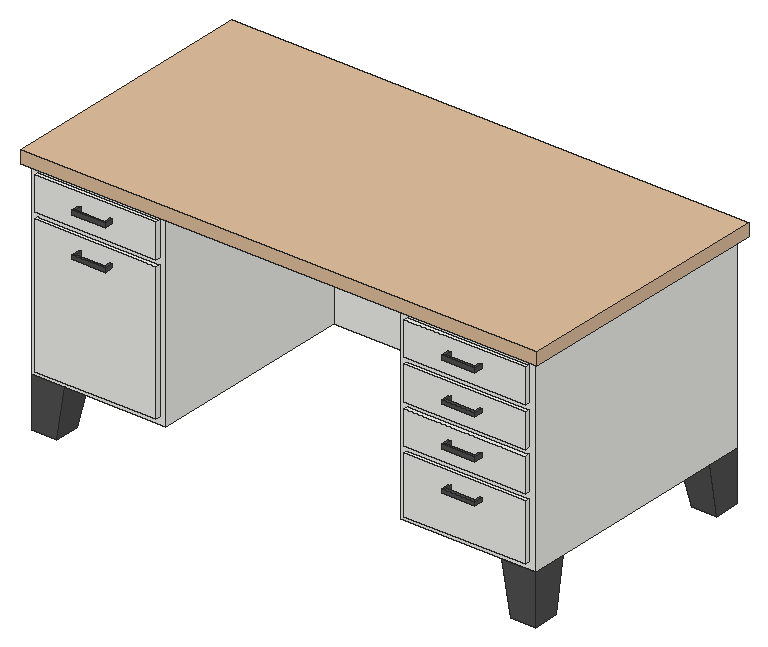
Revit family "M_Escrivaninha", category Mobiliário, Revit 2019
Family settings
  Número OmniClass = 23.40.20.24.31
  Título OmniClass = Desk
  ID de item do Seek = Desk-0000-CAN-ENU
  Com base no plano de trabalho = Não
  Sempre na vertical = Sim
  Corte com vazios quando carregada = Não
  Compartilhado = Sim
  Ponto de cálculo do ambiente = Não
Parameters (values of type "1525 x 762mm")
  Assembly Code = ""
  Linear = 762 mm
  Material do corpo = Laminado - Marfim, Fosco
  Material Puxador/Perna = Aço, Cromo polido
  Material superior = Cerejeira
  Altura = 762 mm
  Altura da perna = 152 mm
  Largura = 1525 mm
Types (3, lengths in mm): name | Linear | Largura
  1525 x 762mm | 762 | 1525
  1830 x 915mm | 915 | 1830
  1525 x 762mm Aluno | 762 | 1525
Reference planes
  plane 1: z = 0
  plane 2: z = 723.9
  plane 3: z = 152
  plane 4: z = 762
  plane 5 "Centro (Esquerda/Direita)": x = 762
  plane 6 "Centro (Frente/Trás)": y = 381
  plane 7 "Aresta da gaveta": y = -12.7
  plane 8: x = 202.7
  plane 9: x = 1321.3
  plane 10: z = 304.8
  plane 11: z = 425.45
  plane 12: z = 546.1
  plane 13: z = 666.75
  plane 14: z = 546.1
  plane 15: z = 666.75
  plane 16 "Superior": y = 762
  plane 17 "Direita": x = 1524.5
  plane 18 "Esquerda": x = -0.5
  plane 19 "Inferior": y = 0
Forms (mm)
  Extrusion 1, solid, material "Laminado - Marfim, Fosco" <- "Material do corpo"
    sketch origin (1524, 762, 0) x (-1, 0, 0) y (0, -1, 0)
      loop
        line (-0.5, 762) -> (-0.5, 0) -> (1524.5, 0) -> (1524.5, 762) -> (1118.1, 762) -> (1118.1, 127) -> (405.9, 127) -> (405.9, 762) -> (-0.5, 762)
    from 152 to 723.9
  Extrusion 2, solid, material "Cerejeira" <- "Material superior"
    sketch origin (1524, 762, 0) x (-1, 0, 0) y (0, -1, 0)
      loop
        line (-19.55, 781.05) -> (-19.55, -19.05) -> (1543.55, -19.05) -> (1543.55, 781.05) -> (-19.55, 781.05)
    from 723.9 to 762
  Blend 3, solid, material "Aço, Cromo polido" <- "Material Puxador/Perna"
    base sketch origin (1524, 762, 0) x (-1, 0, 0) y (0, -1, 0)
      loop
        line (-0.5, 762) -> (-0.5, 685.8) -> (75.7, 685.8) -> (75.7, 762) -> (-0.5, 762)
    top sketch origin (1524, 762, 0) x (-1, 0, 0) y (0, -1, 0)
      loop
        line (-0.5, 762) -> (-0.5, 660.4) -> (101.1, 660.4) -> (101.1, 762) -> (-0.5, 762)
    from 0 to 152
  Blend 4, solid, material "Aço, Cromo polido" <- "Material Puxador/Perna"
    base sketch origin (1524, 838.2, 0) x (-1, 0, 0) y (0, -1, 0)
      loop
        line (-0.5, 76.2) -> (75.7, 76.2) -> (75.7, 152.4) -> (-0.5, 152.4) -> (-0.5, 76.2)
    top sketch origin (1524, 838.2, 0) x (-1, 0, 0) y (0, -1, 0)
      loop
        line (-0.5, 76.2) -> (101.1, 76.2) -> (101.1, 177.8) -> (-0.5, 177.8) -> (-0.5, 76.2)
    from 0 to 152
  Blend 5, solid, material "Aço, Cromo polido" <- "Material Puxador/Perna"
    base sketch origin (1524, 838.2, 0) x (-1, 0, 0) y (0, -1, 0)
      loop
        line (1524.5, 76.2) -> (1524.5, 152.4) -> (1448.3, 152.4) -> (1448.3, 76.2) -> (1524.5, 76.2)
    top sketch origin (1524, 838.2, 0) x (-1, 0, 0) y (0, -1, 0)
      loop
        line (1524.5, 76.2) -> (1524.5, 177.8) -> (1422.9, 177.8) -> (1422.9, 76.2) -> (1524.5, 76.2)
    from 0 to 152
  Blend 6, solid, material "Aço, Cromo polido" <- "Material Puxador/Perna"
    base sketch origin (1524, 762, 0) x (-1, 0, 0) y (0, -1, 0)
      loop
        line (1524.5, 762) -> (1448.3, 762) -> (1448.3, 685.8) -> (1524.5, 685.8) -> (1524.5, 762)
    top sketch origin (1524, 762, 0) x (-1, 0, 0) y (0, -1, 0)
      loop
        line (1524.5, 762) -> (1422.9, 762) -> (1422.9, 660.4) -> (1524.5, 660.4) -> (1524.5, 762)
    from 0 to 152
  Extrusion 7, solid, material "Laminado - Marfim, Fosco" <- "Material do corpo"
    sketch origin (0, 0, 0) x (-1, 0, 0) y (0, 0, 1)
      loop
        line (-1505.45, 704.85) -> (-1505.45, 602.85) -> (-1137.15, 602.85) -> (-1137.15, 704.85) -> (-1505.45, 704.85)
      loop
        line (-1505.45, 171.05) -> (-1137.15, 171.05) -> (-1137.15, 342.5) -> (-1505.45, 342.5) -> (-1505.45, 171.05)
      loop
        line (-1137.15, 583.8) -> (-1505.45, 583.8) -> (-1505.45, 482.2) -> (-1137.15, 482.2) -> (-1137.15, 583.8)
      loop
        line (-1137.15, 463.15) -> (-1505.45, 463.15) -> (-1505.45, 361.55) -> (-1137.15, 361.55) -> (-1137.15, 463.15)
    from -12.7 to 0
  Extrusion 8, solid, material "Laminado - Marfim, Fosco" <- "Material do corpo"
    sketch origin (-304.8, -152.4, 0) x (1, 0, 0) y (0, 0, -1)
      loop
        line (323.35, -704.85) -> (691.65, -704.85) -> (691.65, -603.25) -> (323.35, -603.25) -> (323.35, -704.85)
      loop
        line (323.35, -171.05) -> (323.35, -584.2) -> (691.65, -584.2) -> (691.65, -171.05) -> (323.35, -171.05)
    from 139.7 to 152.4
  Sweep 9, solid, material "Aço, Cromo polido" <- "Material Puxador/Perna"
    path origin (1524, 762, 0) x (-1, 0, 0) y (0, -1, 0)
      loop
        line (151.9, 774.7) -> (151.9, 800.1) -> (253.5, 800.1) -> (253.5, 774.7)
    profile origin (0, -25.4, 0) x (1, 0, 0) y (0, 0, 1)
      loop
        line (1372.1, 304.8) -> (1365.75, 304.8) -> (1365.75, 292.1) -> (1372.1, 292.1) -> (1372.1, 304.8)
      loop
        line (1372.1, 425.45) -> (1365.75, 425.45) -> (1365.75, 412.75) -> (1372.1, 412.75) -> (1372.1, 425.45)
      loop
        line (1372.1, 546.1) -> (1365.75, 546.1) -> (1365.75, 533.4) -> (1372.1, 533.4) -> (1372.1, 546.1)
      loop
        line (1372.1, 666.75) -> (1365.75, 666.75) -> (1365.75, 654.05) -> (1372.1, 654.05) -> (1372.1, 666.75)
  Sweep 10, solid, material "Aço, Cromo polido" <- "Material Puxador/Perna"
    path origin (1524, 762, 0) x (-1, 0, 0) y (0, -1, 0)
      loop
        line (1372.1, 774.7) -> (1372.1, 800.1) -> (1270.5, 800.1) -> (1270.5, 774.7)
    profile origin (0, -25.4, 0) x (1, 0, 0) y (0, 0, 1)
      loop
        line (151.9, 546.1) -> (151.9, 533.4) -> (158.25, 533.4) -> (158.25, 546.1) -> (151.9, 546.1)
      loop
        line (151.9, 666.75) -> (151.9, 654.05) -> (158.25, 654.05) -> (158.25, 666.75) -> (151.9, 666.75)
Lines and regions (mm)
  Masking region 1
    outline origin (1524, 762, 0) x (-1, 0, 0) y (0, -1, 0)
      loop
        line (-0.5, 762) -> (-0.5, 0) -> (1524.5, 0) -> (1524.5, 762) -> (-0.5, 762)
Dimensions and locks
  "Altura": plane 1 to plane 4
  plane 3 to plane 1 = 152 mm
  plane 2 to plane 4 = 38.1 mm
  locked: plane 2 to plane 4 at 38.1
  "Altura da perna": plane 3 to plane 1
  Extrusion 1 to Extrusion 7 sketch curve = 19.05 mm
  plane 3 to Extrusion 7 sketch curve = 19.05 mm
  Extrusion 7 sketch curve to plane 2 = 19.05 mm
  plane 13 to Extrusion 7 = 38.1 mm
  plane 12 to Extrusion 7 = 37.7 mm
  plane 11 to Extrusion 7 = 37.7 mm
  plane 10 to Extrusion 7 = 37.7 mm
  plane 15 to Extrusion 8 = 38.1 mm
  plane 14 to Extrusion 8 = 38.1 mm
  locked: plane 9 to plane 17 "Direita" at 203.2
  locked: plane 19 "Inferior" to plane 7 "Aresta da gaveta" at 12.7
  equal spacing: plane 18 "Esquerda", plane 5 "Centro (Esquerda/Direita)", plane 17 "Direita"
  "Largura": plane 18 "Esquerda" to plane 17 "Direita"
  equal spacing: plane 16 "Superior", plane 6 "Centro (Frente/Trás)", plane 19 "Inferior"
  "Linear": plane 16 "Superior" to plane 19 "Inferior"
  locked: Extrusion 2 sketch curve to plane 18 "Esquerda" at 19.05
  locked: Extrusion 2 sketch curve to plane 16 "Superior" at 19.05
  locked: plane 17 "Direita" to Extrusion 2 sketch curve at 19.05
  locked: plane 19 "Inferior" to Extrusion 2 sketch curve at 19.05
  locked: plane 18 "Esquerda" to plane 8 at 203.2
  locked: plane 18 "Esquerda" to Blend 5 sketch curve at 76.2
  locked: plane 16 "Superior" to Blend 5 sketch curve at 76.2
  locked: plane 16 "Superior" to Blend 4 sketch curve at 76.2
  locked: Blend 4 sketch curve to plane 17 "Direita" at 76.2
  locked: plane 16 "Superior" to Blend 5 sketch curve at 101.6
  locked: plane 18 "Esquerda" to Blend 5 sketch curve at 101.6
  locked: Blend 4 sketch curve to plane 17 "Direita" at 101.6
  locked: plane 16 "Superior" to Blend 4 sketch curve at 101.6
  aligned and locked: Extrusion 1 to plane 2
  aligned and locked: plane 2 to Extrusion 2
  aligned and locked: Extrusion 2 to plane 4
  aligned and locked: plane 3 to Extrusion 1
  aligned and locked: Blend 4 to plane 3
  aligned and locked: Blend 5 to plane 3
  aligned and locked: Blend 3 to plane 3
  aligned and locked: Blend 6 to plane 3
  aligned and locked: Extrusion 7 to plane 7 "Aresta da gaveta"
  aligned and locked: Extrusion 8 to plane 7 "Aresta da gaveta"
  aligned and locked: Extrusion 1 sketch curve to plane 16 "Superior"
  aligned and locked: plane 18 "Esquerda" to Extrusion 1 sketch curve
  aligned and locked: Masking region 1 sketch curve to plane 16 "Superior"
  aligned and locked: plane 18 "Esquerda" to Masking region 1 sketch curve
  aligned and locked: plane 19 "Inferior" to Extrusion 8
  aligned and locked: Extrusion 1 to plane 19 "Inferior"
  aligned and locked: plane 19 "Inferior" to Extrusion 1 sketch curve
  aligned and locked: plane 19 "Inferior" to Extrusion 7
  aligned and locked: Blend 5 sketch curve to plane 18 "Esquerda"
  aligned and locked: Blend 5 sketch curve to plane 16 "Superior"
  aligned and locked: Blend 4 sketch curve to plane 17 "Direita"
  aligned and locked: plane 16 "Superior" to Blend 4 sketch curve
Automatic sketch dimensions
  Blend 3 sketch curve to Blend 3 sketch curve = 76.2 mm
  Blend 3 sketch curve to Blend 3 sketch curve = 101.6 mm
  Blend 4 sketch curve to Blend 4 sketch curve = 101.6 mm  (x2)
  Blend 6 sketch curve to Blend 6 sketch curve = 76.2 mm  (x2)
  Blend 6 sketch curve to Blend 6 sketch curve = 101.6 mm  (x2)
  plane 9 to Extrusion 7 sketch curve = 184.15 mm
  Extrusion 7 sketch curve to Extrusion 7 sketch curve = 0 mm  (x5)
  Extrusion 7 sketch curve to Extrusion 7 sketch curve = 171.45 mm
  Extrusion 7 sketch curve to Extrusion 7 sketch curve = 19.05 mm  (x3)
  Extrusion 7 sketch curve to Extrusion 7 sketch curve = 101.6 mm  (x2)
  plane 2 to Extrusion 8 sketch curve = 19.05 mm
  plane 8 to Extrusion 8 sketch curve = 184.15 mm
  Extrusion 8 sketch curve to Extrusion 8 sketch curve = 0 mm
  Extrusion 8 sketch curve to Extrusion 8 sketch curve = 101.6 mm
  Extrusion 8 sketch curve to Extrusion 8 sketch curve = 19.05 mm
  Extrusion 8 sketch curve to plane 3 = 19.05 mm
  Sweep 9 sketch curve to plane 7 "Aresta da gaveta" = 0 mm  (x2)
  plane 7 "Aresta da gaveta" to Sweep 9 sketch curve = 25.4 mm
  Sweep 9 sketch curve to plane 9 = 50.8 mm
  plane 9 to Sweep 9 sketch curve = 50.8 mm
  Sweep 9 sketch curve to plane 10 = 0 mm
  Sweep 9 sketch curve to plane 13 = 0 mm
  Sweep 9 sketch curve to plane 12 = 0 mm
  Sweep 9 sketch curve to plane 11 = 0 mm
  Sweep 9 sketch curve to profile plane = 0 mm  (x4)
  Sweep 9 sketch curve to Sweep 9 sketch curve = 6.35 mm  (x4)
  plane 10 to Sweep 9 sketch curve = 12.7 mm
  plane 11 to Sweep 9 sketch curve = 12.7 mm
  plane 12 to Sweep 9 sketch curve = 12.7 mm
  plane 13 to Sweep 9 sketch curve = 12.7 mm
  Sweep 10 sketch curve to plane 7 "Aresta da gaveta" = 0 mm  (x2)
  plane 7 "Aresta da gaveta" to Sweep 10 sketch curve = 25.4 mm
  plane 8 to Sweep 10 sketch curve = 50.8 mm
  Sweep 10 sketch curve to plane 8 = 50.8 mm
  Sweep 10 sketch curve to profile plane = 0 mm  (x2)
  Sweep 10 sketch curve to plane 15 = 0 mm
  Sweep 10 sketch curve to plane 14 = 0 mm
  Sweep 10 sketch curve to Sweep 10 sketch curve = 6.35 mm  (x2)
  plane 14 to Sweep 10 sketch curve = 12.7 mm
  plane 15 to Sweep 10 sketch curve = 12.7 mm
  Blend 3 sketch curve to plane 9 = 203.2 mm  (x2)
  Extrusion 7 sketch curve to plane 9 = 184.15 mm
  Blend 5 sketch curve to Blend 5 sketch curve = 101.6 mm  (x2)
  Blend 6 sketch curve to plane 8 = 127 mm
  Blend 6 sketch curve to plane 8 = 101.6 mm
  Extrusion 8 sketch curve to plane 8 = 184.15 mm  (x2)
  Blend 3 sketch curve to plane 7 "Aresta da gaveta" = 88.9 mm
  Blend 3 sketch curve to plane 7 "Aresta da gaveta" = 12.7 mm  (x2)
  Blend 3 sketch curve to plane 7 "Aresta da gaveta" = 114.3 mm
  Blend 6 sketch curve to plane 7 "Aresta da gaveta" = 88.9 mm
  Blend 6 sketch curve to plane 7 "Aresta da gaveta" = 114.3 mm
  Masking region 1 sketch curve to plane 17 "Direita" = 0 mm
  Masking region 1 sketch curve to plane 19 "Inferior" = 0 mm
  Extrusion 1 sketch curve to plane 17 "Direita" = 0 mm
  Extrusion 1 sketch curve to plane 19 "Inferior" = 0 mm
  plane 9 to Extrusion 1 sketch curve = 203.2 mm
  plane 8 to Extrusion 1 sketch curve = 203.2 mm
  Extrusion 1 sketch curve to plane 16 "Superior" = 127 mm
